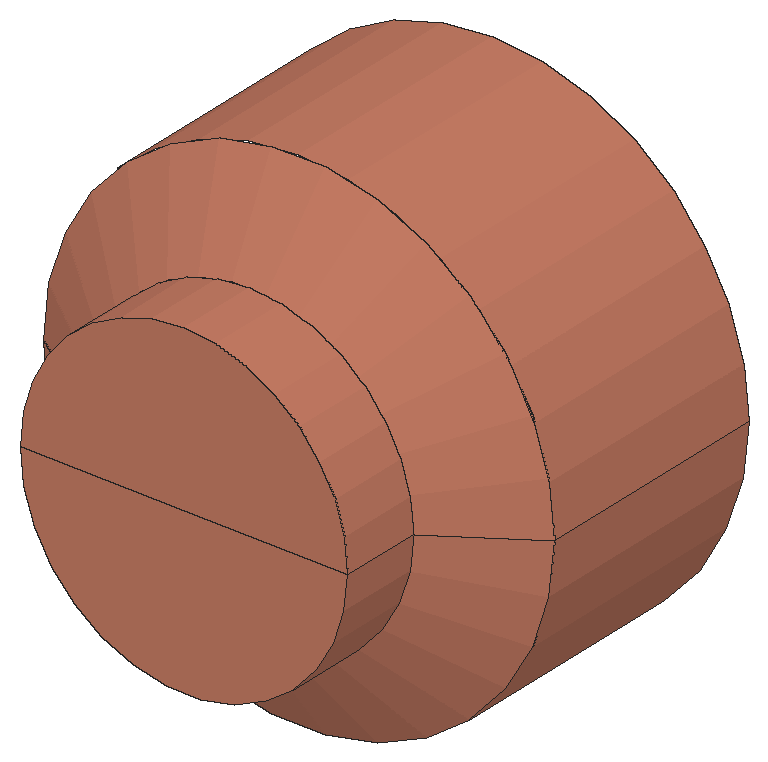
Revit family "Fittings_CopperConcentricReducer_Ardent_REECE", category Pipe Fittings, Revit 2019
Family settings
  Round Connector Dimension = Use Diameter
  Part Type = Transition
  OmniClass Number = 23.60.30.11.14
  OmniClass Title = Pipework Fittings
  Work Plane-Based = No
  Always vertical = Yes
  Cut with Voids When Loaded = No
  Shared = No
Parameters (values of type "Standard")
  ØD2 [instance] = size_lookup(Lookup Table Name, "ØA2", NominalMinorDiameter * 0.99, NominalMajorDiameter, NominalMinorDiameter)  # 31.77 mm
  ØD1 [instance] = size_lookup(Lookup Table Name, "ØA1", NominalMajorDiameter * 0.99, NominalMajorDiameter, NominalMinorDiameter)  # 50.8 mm
  URL = "http://www.reece.com.au/"
  Type Comments = "Manufactured to comply and marked in accordance with Australian Standards AS1432 and AS3688"  # constant formula
  T2 [instance] = size_lookup(Lookup Table Name, "T2", 1.25 mm, NominalMajorDiameter, NominalMinorDiameter)  # 1.09 mm
  T1 [instance] = size_lookup(Lookup Table Name, "T1", 1.3 mm, NominalMajorDiameter, NominalMinorDiameter)  # 1.09 mm
  NominalMinorDiameter [instance] = 32 mm
  NominalMajorDiameter [instance] = 50 mm
  ModifiedIssue_ANZRS = 20151012.54  # constant formula
  Model = "ConcentricReducer"  # constant formula
  Material = Reece_Copper
  Manufacturer = "Reece"  # constant formula
  Lookup Table Name = "Fittings_CopperConcentricReducer_Ardent_REECE"
  L3 [instance] = if(NominalMajorDiameter > NominalMinorDiameter, L2 * 0.75, L1 * 0.75)  # 6.375 mm
  L2 [instance] = size_lookup(Lookup Table Name, "L2", NominalMajorDiameter * 0.4, NominalMajorDiameter, NominalMinorDiameter)  # 8.5 mm
  L1 [instance] = size_lookup(Lookup Table Name, "L1", NominalMajorDiameter * 0.45, NominalMajorDiameter, NominalMinorDiameter)  # 25.125 mm
  Keynote = ""
  built-in parameter 1114238 [instance] = not(0 mm < size_lookup(Lookup Table Name, "L", 0 mm, NominalMajorDiameter, NominalMinorDiameter))  # (empty or 0)
  FittingType = "CopperConcentricReducer"  # constant formula
  Description = "TBC"  # constant formula
  CustomFitting [instance] = not(0 mm < size_lookup(Lookup Table Name, "L", 0 mm, NominalMajorDiameter, NominalMinorDiameter))  # no
  CreatedByURL_ANZRS = "http://www.thinkbimmepaus.com.au/"
  CreatedBy = "A2K Technologies"  # constant formula
  L [instance] = size_lookup(Lookup Table Name, "L", NominalMajorDiameter * 1.25, NominalMajorDiameter, NominalMinorDiameter)  # 40 mm
Reference planes
  plane 1 "Center (Front/Back)": y = 0
  plane 2: z = 0
  plane 3 "Center (Left/Right)": x = 0
  plane 4: x = 26.49
  plane 5: y = 25.125
  plane 6: y = -6.375
  plane 7: y = -14.875
  plane 8: x = 16.975
  plane 9: x = 15.885
  plane 10: x = -15.885
  plane 11: x = 25.4
  plane 12: x = -25.4
Forms (mm)
  Revolve 1, solid, material "Reece_Copper" <- "Material", detail levels fine
    sketch origin (0, 0, 0) x (1, 0, 0) y (0, 1, 0)
      loop
        line (0, 25.125) -> (0, -14.875) -> (16.975, -14.875) -> (16.975, -6.375) -> (26.49, 0) -> (26.49, 25.125) -> (0, 25.125)
      axis (0, 25.125) -> (0, -14.875)
    angle from 0 to 360
Lines and regions (mm)
  model lines, detail levels coarse+medium
    curve 1: line (-25.4, 0, 0) -> (25.4, 0, 0)
    curve 2: line (-25.4, 0, 0) -> (0, -6.375, 0)
    curve 3: line (25.4, 0, 0) -> (0, -6.375, 0)
Dimensions and locks
  "L2": plane 7 to plane 6
  equal spacing: plane 10, plane 3 "Center (Left/Right)", plane 9
  "ØD2": plane 10 to plane 9
  "T2": plane 9 to plane 8
  "L": plane 5 to plane 7
  "ØD1": plane 12 to plane 11
  "T1": plane 11 to plane 4
  equal spacing: plane 12, plane 3 "Center (Left/Right)", plane 11
  locked: connector elem to plane 3 "Center (Left/Right)" at 0  (x2)
  locked: connector elem to plane 2 at 0
  locked: connector elem to plane 2
  "L3": plane 6 to plane 1 "Center (Front/Back)"
  plane 5 to plane 1 "Center (Front/Back)" = 25.125 mm
  aligned and locked: level to plane 2
  aligned and locked: Revolve 1 sketch curve to plane 3 "Center (Left/Right)"  (x2)
  aligned and locked: Revolve 1 sketch curve to plane 5
  aligned and locked: Revolve 1 sketch curve to plane 4
  aligned and locked: Revolve 1 sketch curve to plane 7
  aligned and locked: plane 8 to Revolve 1 sketch curve  (x2)
  aligned and locked: plane 1 "Center (Front/Back)" to Revolve 1 sketch curve
  aligned and locked: plane 4 to Revolve 1 sketch curve
  aligned and locked: plane 6 to Revolve 1 sketch curve
  aligned and locked: plane 11 to curve 1
  aligned and locked: plane 12 to curve 1
  aligned and locked: plane 1 "Center (Front/Back)" to curve 1
  aligned and locked: Revolve 1 to curve 2
Automatic sketch dimensions
  Revolve 1 sketch curve to Revolve 1 sketch curve = 1861.446 mm
  plane 5 to Revolve 1 sketch curve = 1902.892 mm
  curve 3 to plane 3 "Center (Left/Right)" = 0 mm
Connectors
  piping at (0, 0, 0), diameter 50, driven by "NominalMajorDiameter"
    settings: on plane 1 "Center (Front/Back)", index 1, connector inside diameter 609.6 mm, connector length 0 mm, flow factor 0, pipe flow 0.0 L/s, pressure drop 0.0 Pa, fitting loss kfactor 0, connector angle 0.00°, fixture units 0, engagement length 0 mm, angle of deflection 0.00°, flow configuration 0, flow direction 0, fitting loss method 0, system type 28, joint type 0, gender type 0, connector reference index -1, connector utility 0, adjustable connector no, is connector primary yes, connector description ""
  piping at (0, -6.375, 0), diameter 32, driven by "NominalMinorDiameter"
    settings: on plane 6, index 2, connector inside diameter 609.6 mm, connector length 0 mm, flow factor 0, pipe flow 0.0 L/s, pressure drop 0.0 Pa, fitting loss kfactor 0, connector angle 0.00°, fixture units 0, engagement length 0 mm, angle of deflection 0.00°, flow configuration 0, flow direction 0, fitting loss method 0, system type 28, joint type 0, gender type 0, connector reference index -1, connector utility 0, adjustable connector no, is connector primary no, connector description ""
